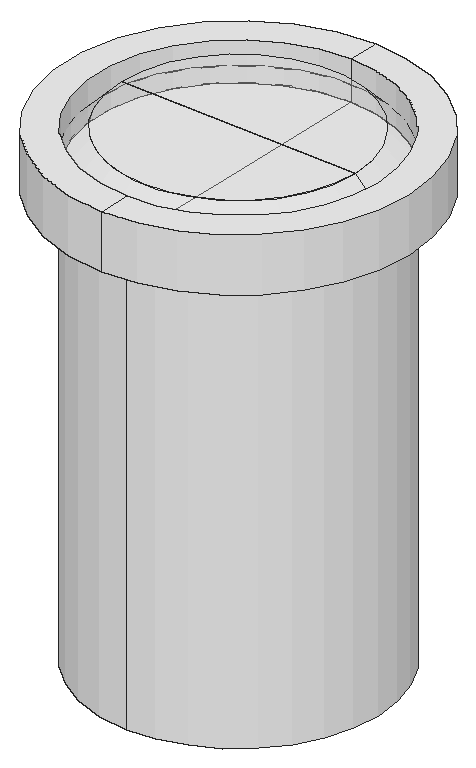
Revit family
Parameters
  Wattage = 150 W
  built-in parameter 1150110 = 1 (stored number, unit not read)
  built-in parameter 1114217 = 1 (stored number, unit not read)
  built-in parameter 1150109 = 1 (stored number, unit not read)
  built-in parameter 1150134 = 3
  built-in parameter 1150113 = 1 (stored number, unit not read)
  Material light Fitting = Metal - Aluminium Satin
  Material Lamp Glazing = Glass - White Frosted
  built-in parameter 1150105 = 859.44 (stored number, unit not read)
  Lumens = 2700 lm
  built-in parameter 1150115 = 1 (stored number, unit not read)
  Light Source Symbol Size = 609.6 mm
  built-in parameter 1150137 = (empty or 0)
  built-in parameter 1150139 = (empty or 0)
  built-in parameter 1150112 = 1 (stored number, unit not read)
  built-in parameter 1150114 = 1 (stored number, unit not read)
  built-in parameter 1150132 = (empty or 0)
  built-in parameter 1150102 = (empty or 0)
  built-in parameter 1150107 = 3200 (stored number, unit not read)
  built-in parameter 1150138 = (empty or 0)
  built-in parameter 1150106 = 8.5944 (stored number, unit not read)
  built-in parameter 1150104 = 1.6723 (stored number, unit not read)
  Dimming Lamp Color Temperature Shift = (empty or 0)
  Color Filter = 16777215
  built-in parameter 1114218 = 1 (stored number, unit not read)
  built-in parameter 1150133 = 10 (stored number, unit not read)
Reference planes
  plane 1 "Light Source Axis (F/B)": y = 0
  plane 2: z = 0
  plane 3 "Light Source Axis (L/R)": x = 0
  plane 4 "Light Source Elevation": z = 0
  plane 5: x = 0
Forms (mm)
  Revolve 1, solid, material "Metal - Aluminium Satin" <- "Material light Fitting"
    sketch origin (0, 0, 0) x (0, 1, 0) y (0, 0, 1)
      loop
        line (0, -310) -> (91, -310) -> (91, -35) -> (111, -35) -> (111, 0) -> (91, 0) -> (91, -25) -> (0, -25) -> (0, -310)
      axis (0, 0) -> (0, -310)
    angle from 0 to 360
  Revolve 2, solid, material "Glass - White Frosted" <- "Material Lamp Glazing"
    sketch origin (0, 0, 0) x (1, 0, 0) y (0, 0, 1)
      loop
        line (0, 0) -> (0, -25) -> (91, -25) -> (91, -15) -> (76, 0) -> (0, 0)
      axis (0, 0) -> (0, -25)
    angle from 0 to 360
Dimensions and locks
  aligned and locked: plane 3 "Light Source Axis (L/R)" to imposter light
  aligned and locked: plane 1 "Light Source Axis (F/B)" to imposter light
  aligned and locked: plane 3 "Light Source Axis (L/R)" to plane 5
  aligned and locked: plane 5 to Revolve 2 sketch curve
  aligned and locked: plane 4 "Light Source Elevation" to imposter light
  aligned and locked: plane 4 "Light Source Elevation" to plane 2
